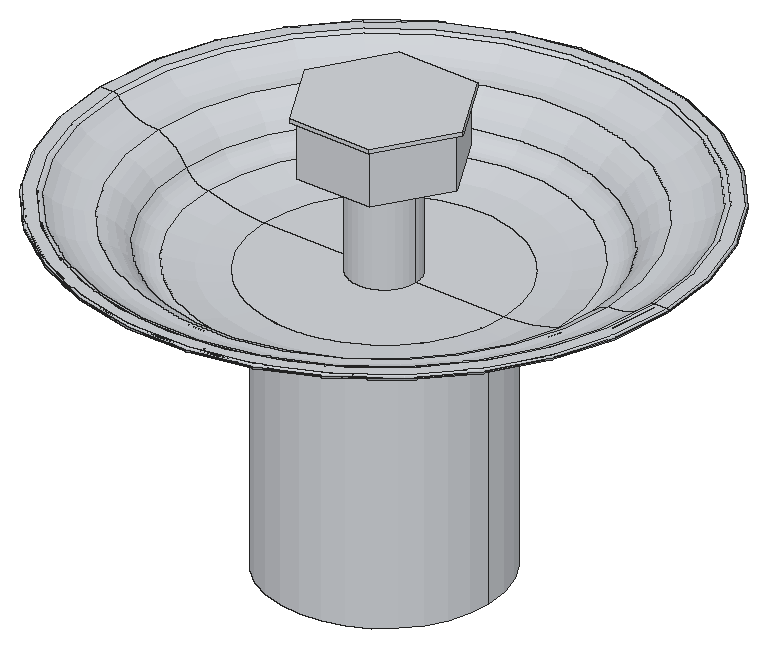
Revit family "Washfountain-Willoughby-WWF-5406-FLR-JR", category Plumbing Fixtures, Revit 2015
Parameters (values of type "Standard")
  Waste DIA = 2"
  Waste Connection = yes
  Vent Connection = no
  URL = "https://www.willoughby-ind.com/wp-content/uploads/2018/01/WAF-5408.pdf"
  Revision = "A"
  Model = "WWF-5406-FLR-JR"
  Manufacturer = "Willoughby Industries"
  HW Connection = yes
  HCW DIA = 1/2"
  Fixture Body = Stainless Steel AISI 304-Willoughby
  Description = "Six Station Washfountain, Floor Mounted, Junior Height"
  Default Elevation = 0' - 0"
  Contact = "(800) 428-4065"
  CW Connection = yes
Reference planes (in)
  plane 1 "Center (Front/Back)": y = 0
  plane 2: z = 0
  plane 3 "Center (Left/Right)": x = 0
  plane 4: x = -27
  plane 5: x = 27
  plane 6 "Top Pf Sink": z = 34
  plane 7 "Bottom Of Sink": z = 27.5
  plane 8: x = 10
  plane 9: x = -10
  plane 10 "Bottom Of Faucet Head": z = 37.0625
  plane 11 "Faucet Head HGT": z = 41.875
  plane 12 "Top Of Cap": z = 42.25
Forms (in)
  Revolve 1, solid
    sketch origin (0, 0, -20) x (1, 0, 0) y (0, 0, 1)
      loop
        line (-27, 53.83658) -> (-27, 53.7862)
        arc (-27, 53.7862) -> (-26.95279, 53.67221) -> (-26.8388, 53.625) r 0.1612
        line (-26.8388, 53.625) -> (-25.625, 53.625)
        arc (-25.625, 53.625) -> (-23.73121, 52.27152) -> (-21.4375, 51.875) r 5.22415
        arc (-21.4375, 51.875) -> (-20.07609, 51.04401) -> (-19.0625, 49.8125) r 4.79567
        arc (-19.0625, 49.8125) -> (-18.07558, 48.76236) -> (-16.6875, 48.375) r 2.68071
        arc (-16.6875, 48.375) -> (-14.06704, 47.72021) -> (-11.375, 47.5) r 16.56473
        line (-11.375, 47.5) -> (0, 47.5) -> (0, 47.875) -> (-11.375, 47.875)
        arc (-11.375, 47.875) -> (-14.03757, 48.09545) -> (-16.62764, 48.75078) r 16.18973
        arc (-16.62764, 48.75078) -> (-17.85869, 49.06961) -> (-18.73348, 49.99258) r 2.30571
        arc (-18.73348, 49.99258) -> (-19.85977, 51.35263) -> (-21.37804, 52.25438) r 5.17067
        arc (-21.37804, 52.25438) -> (-23.50505, 52.5843) -> (-25.27973, 53.80231) r 4.84915
        arc (-25.27973, 53.80231) -> (-25.48482, 53.94841) -> (-25.73129, 54) r 0.61458
        line (-25.73129, 54) -> (-26.83658, 54)
        arc (-26.83658, 54) -> (-26.95213, 53.95213) -> (-27, 53.83658) r 0.16342
      axis (0, 54) -> (0, 47.5)
    angle from 0 to 360
  Revolve 2, solid
    sketch origin (0, 0, 0) x (1, 0, 0) y (0, 0, 1)
      loop
        line (0, 27.5) -> (-10, 27.5) -> (-10, 3) -> (0, 3) -> (0, 27.5)
      axis (0, 27.5) -> (0, 3)
    angle from 0 to 360
  Revolve 3, solid
    sketch origin (0, 0, 0) x (1, 0, 0) y (0, 0, 1)
      loop
        line (0, 34) -> (0, 37.0625) -> (-3, 37.0625) -> (-3, 27.5) -> (0, 27.5) -> (0, 34)
      axis (0, 37.0625) -> (0, 27.5)
    angle from 0 to 360
  Extrusion 4, solid
    sketch origin (0, 0, 42.25) x (1, 0, 0) y (0, 1, 0)
      loop
        line (-3.753, 6.5) -> (-7.506, -0.00039) -> (-3.753, -6.5) -> (3.753, -6.5) -> (7.506, -0.00039) -> (3.753, 6.5) -> (-3.753, 6.5)
    from 0 to -0.375
  Extrusion 5, solid
    sketch origin (0, 0, 37.0625) x (1, 0, 0) y (0, 1, 0)
      loop
        line (-3.46432, 6) -> (-6.92865, -0.00039) -> (-3.46477, -6) -> (3.46477, -6) -> (6.92865, -0.00039) -> (3.46432, 6) -> (-3.46432, 6)
    from 0 to 4.8125
  Extrusion 6, solid, detail levels medium+fine
    sketch origin (0, 0, 3) x (1, 0, 0) y (0, 1, 0)
      loop
        circle (4, -2) r 1
    from 0 to 3
  Extrusion 7, solid, detail levels medium+fine
    sketch origin (0, 0, 3) x (1, 0, 0) y (0, 1, 0)
      loop
        circle (-2, -2) r 0.25
    from 0 to 3
  Extrusion 8, solid, detail levels medium+fine
    sketch origin (0, 0, 3) x (1, 0, 0) y (0, 1, 0)
      loop
        circle (-2, -6) r 0.25
    from 0 to 3
Lines and regions (in)
  symbolic lines
    curve 1: line (6.92865, 0, 41.875) -> (-6.92865, 0, 41.875)
    curve 2: line (-6.92865, 0, 41.875) -> (-6.92865, 0, 37.0625)
    curve 3: line (-6.92865, 0, 37.0625) -> (6.92865, 0, 37.0625)
    curve 4: line (6.92865, 0, 37.0625) -> (6.92865, 0, 41.875)
    curve 5: line (6.92865, 0, 41.875) -> (7.506, 0, 41.875)
    curve 6: line (7.506, 0, 41.875) -> (7.506, 0, 42.25)
    curve 7: line (7.506, 0, 42.25) -> (-7.506, 0, 42.25)
    curve 8: line (-7.506, 0, 42.25) -> (-7.506, 0, 41.875)
    curve 9: line (-7.506, 0, 41.875) -> (-6.92865, 0, 41.875)
    curve 10: line (-3, 0, 37.0625) -> (-3, 0, 34)
    curve 11: line (3, 0, 37.0625) -> (3, 0, 34)
    curve 12: line (26.87149, 0, 34) -> (-26.83229, 0, 34)
    curve 13: line (-26.83229, 0, 33.61752) -> (26.87149, 0, 33.61752)
    curve 14: arc (26.87149, 0, 33.61752) -> (27.00384, 0, 33.80876) -> (26.87149, 0, 34) r 0.20434
    curve 15: arc (-26.83229, 0, 34) -> (-27.02353, 0, 33.80876) -> (-26.83229, 0, 33.61752) r 0.19124
    curve 16: arc (-25.59331, 0, 33.61752) -> (-23.7164, 0, 32.26691) -> (-21.4375, 0, 31.875) r 5.14341
    curve 17: arc (-21.4375, 0, 31.875) -> (-20.06597, 0, 31.05566) -> (-19.0625, 0, 29.8125) r 4.547
    curve 18: arc (-19.0625, 0, 29.8125) -> (-18.06774, 0, 28.7753) -> (-16.6875, 0, 28.375) r 2.77422
    curve 19: arc (-16.6875, 0, 28.375) -> (-13.38121, 0, 27.65121) -> (-10, 0, 27.5) r 19.83774
    curve 20: line (-10, 0, 27.5) -> (10, 0, 27.5)
    curve 21: arc (10, 0, 27.5) -> (13.38558, 0, 27.6178) -> (16.6875, 0, 28.375) r 17.7964
    curve 22: arc (16.6875, 0, 28.375) -> (18.08141, 0, 28.75272) -> (19.0625, 0, 29.8125) r 2.61603
    curve 23: arc (19.0625, 0, 29.8125) -> (20.07709, 0, 31.04286) -> (21.4375, 0, 31.875) r 4.82202
    curve 24: arc (21.4375, 0, 31.875) -> (23.7314, 0, 32.26527) -> (25.625, 0, 33.61752) r 5.19634
    curve 25: line (-10, 0, 27.5) -> (-10, 0, 0)
    curve 26: line (-10, 0, 0) -> (10, 0, 0)
    curve 27: line (10, 0, 0) -> (10, 0, 27.5)
    curve 28: line (0, 6, 41.875) -> (0, -6, 41.875)
    curve 29: line (0, -6, 41.875) -> (0, -6, 37.0625)
    curve 30: line (0, -6, 37.0625) -> (0, 6, 37.0625)
    curve 31: line (0, 6, 37.0625) -> (0, 6, 41.875)
    curve 32: line (0, 6, 41.875) -> (0, 6.5, 41.875)
    curve 33: line (0, 6.5, 41.875) -> (0, 6.5, 42.25)
    curve 34: line (0, 6.5, 42.25) -> (0, -6.5, 42.25)
    curve 35: line (0, -6.5, 42.25) -> (0, -6.5, 41.875)
    curve 36: line (0, -6.5, 41.875) -> (0, -6, 41.875)
    curve 37: line (0, 0, 41.875) -> (0, 0, 37.0625)
    curve 38: line (0, -3, 37.0625) -> (0, -3, 34)
    curve 39: line (0, 3, 37.0625) -> (0, 3, 34)
    curve 40: line (0, -26.83395, 34) -> (0, 26.91605, 34)
    curve 41: line (0, 26.91605, 33.62562) -> (0, -26.83395, 33.62562)
    curve 42: arc (0, -26.83395, 33.62562) -> (0, -27.02114, 33.81281) -> (0, -26.83395, 34) r 0.18719
    curve 43: arc (0, -25.58395, 33.62562) -> (0, -23.71865, 32.25782) -> (0, -21.4375, 31.875) r 5.00412
    curve 44: arc (0, -21.4375, 31.875) -> (0, -20.07204, 31.04868) -> (0, -19.0625, 29.8125) r 4.69264
    curve 45: arc (0, -19.0625, 29.8125) -> (0, -18.06335, 28.78256) -> (0, -16.6875, 28.375) r 2.83032
    curve 46: arc (0, -16.6875, 28.375) -> (0, -13.38434, 27.62729) -> (0, -10, 27.5) r 18.33134
    curve 47: line (0, -10, 27.5) -> (0, 10, 27.5)
    curve 48: arc (0, 10, 27.5) -> (0, 13.3855, 27.61838) -> (0, 16.6875, 28.375) r 17.82836
    curve 49: arc (0, 16.6875, 28.375) -> (0, 18.06981, 28.77189) -> (0, 19.0625, 29.8125) r 2.74878
    curve 50: arc (0, 19.0625, 29.8125) -> (0, 20.06312, 31.05895) -> (0, 21.4375, 31.875) r 4.48194
    curve 51: arc (0, 21.4375, 31.875) -> (0, 23.7357, 32.26457) -> (0, 25.62805, 33.62562) r 5.16077
    curve 52: line (0, 10, 27.5) -> (0, 10, 0)
    curve 53: line (0, 10, 0) -> (0, -10, 0)
    curve 54: line (0, -10, 0) -> (0, -10, 27.5)
    curve 55: circle (0, 0, 0) r 27 normal (0, 0, 1)
    curve 62: line (-3.753, -6.5, 0) -> (-7.506, -0.00039, 0)
  symbolic lines, detail levels fine
    curve 56: circle (0, 0, 0) r 21.4375 normal (0, 0, 1)
    curve 57: circle (0, 0, 0) r 16.6875 normal (0, 0, 1)
  symbolic lines, detail levels medium+fine
    curve 58: line (-3.753, 6.5, 0) -> (3.753, 6.5, 0)
    curve 59: line (3.753, 6.5, 0) -> (7.506, -0.00039, 0)
    curve 60: line (7.506, -0.00039, 0) -> (3.753, -6.5, 0)
    curve 61: line (3.753, -6.5, 0) -> (-3.753, -6.5, 0)
    curve 63: line (-7.506, -0.00039, 0) -> (-3.753, 6.5, 0)
Dimensions and locks (in)
  equal spacing: plane 4, plane 3 "Center (Left/Right)", plane 5
  equal spacing: plane 8, plane 3 "Center (Left/Right)", plane 9, locked at 10 each
  aligned and locked: Revolve 2 sketch curve to Revolve 2 sketch curve  (x3)
  aligned and locked: Revolve 3 sketch curve to Revolve 3 sketch curve  (x2)
  aligned and locked: Extrusion 4 to plane 11 "Faucet Head HGT"
  aligned and locked: plane 12 "Top Of Cap" to Extrusion 4
  aligned and locked: plane 11 "Faucet Head HGT" to Extrusion 5
Automatic sketch dimensions
  Revolve 3 sketch curve to plane 7 "Bottom Of Sink" = 0' - 0"  (x2)
  Revolve 3 sketch curve to plane 3 "Center (Left/Right)" = 0' - 0"
  Revolve 3 sketch curve to plane 6 "Top Pf Sink" = 0' - 0"
  Revolve 3 sketch curve to Revolve 3 sketch curve = 0' - 3"
  plane 6 "Top Pf Sink" to Revolve 3 sketch curve = 0' - 3 1/16"
  plane 1 "Center (Front/Back)" to Extrusion 4 sketch curve = 0' - 0.00039"  (x2)
  plane 9 to Extrusion 4 sketch curve = 0' - 2.494"
  Extrusion 4 sketch curve to plane 3 "Center (Left/Right)" = 0' - 3.753"  (x2)
  plane 3 "Center (Left/Right)" to Extrusion 4 sketch curve = 0' - 3.753"  (x2)
  Extrusion 4 sketch curve to plane 8 = 0' - 2.494"
  plane 1 "Center (Front/Back)" to Extrusion 4 sketch curve = 0' - 6 1/2"
  Extrusion 4 sketch curve to plane 1 "Center (Front/Back)" = 0' - 6 1/2"
  plane 1 "Center (Front/Back)" to Extrusion 5 sketch curve = 0' - 0.00039"  (x2)
  plane 9 to Extrusion 5 sketch curve = 0' - 3.07135"
  Extrusion 5 sketch curve to plane 3 "Center (Left/Right)" = 0' - 3.46477"
  Extrusion 5 sketch curve to plane 3 "Center (Left/Right)" = 0' - 3.46432"
  plane 3 "Center (Left/Right)" to Extrusion 5 sketch curve = 0' - 3.46432"
  plane 3 "Center (Left/Right)" to Extrusion 5 sketch curve = 0' - 3.46477"
  Extrusion 5 sketch curve to plane 8 = 0' - 3.07135"
  plane 1 "Center (Front/Back)" to Extrusion 5 sketch curve = 0' - 6"
  Extrusion 5 sketch curve to plane 1 "Center (Front/Back)" = 0' - 6"
  curve 15 to plane 6 "Top Pf Sink" = 0' - 0"
  curve 19 to plane 7 "Bottom Of Sink" = 0' - 0"
  curve 19 to plane 9 = 0' - 0"
  curve 9 to plane 11 "Faucet Head HGT" = 0' - 0"
  curve 7 to plane 12 "Top Of Cap" = 0' - 0"
  curve 2 to plane 10 "Bottom Of Faucet Head" = 0' - 0"
  curve 26 to plane 8 = 0' - 0"
  curve 27 to level = 0' - 0"
  curve 19 to plane 9 = 0' - 0.80755"
  curve 18 to plane 9 = 0' - 6.63125"
  curve 16 to plane 10 "Bottom Of Faucet Head" = 0' - 0.05227"
  curve 16 to plane 4 = 0' - 5.27247"
  plane 7 "Bottom Of Sink" to curve 17 = 0' - 0.12253"
  curve 17 to plane 4 = 0' - 3.95262"
  curve 12 to plane 4 = 0' - 0.16771"
  plane 9 to curve 9 = 0' - 2.494"
  curve 8 to curve 1 = 0' - 0.57735"
  curve 4 to plane 8 = 0' - 3.07135"
  curve 1 to curve 7 = 0' - 0.57735"
  plane 8 to curve 21 = 0' - 1.07676"
  plane 8 to curve 22 = 0' - 6.72683"
  plane 10 "Bottom Of Faucet Head" to curve 24 = 0' - 0.00031"
  plane 5 to curve 24 = 0' - 5.26498"
  curve 23 to plane 7 "Bottom Of Sink" = 0' - 0.09793"
  plane 5 to curve 23 = 0' - 3.76117"
  plane 5 to curve 14 = 0' - 0.20051"
  plane 5 to curve 13 = 0' - 0.12851"
  plane 5 to curve 12 = 0' - 0.12851"
  curve 22 to plane 6 "Top Pf Sink" = 0' - 3.00927"
  curve 18 to plane 6 "Top Pf Sink" = 0' - 2.85136"
  curve 13 to curve 15 = 0' - 0.38248"
  plane 12 "Top Of Cap" to curve 21 = 0' - 3.01379"
  plane 12 "Top Of Cap" to curve 19 = 0' - 5.0713"
  plane 7 "Bottom Of Sink" to curve 18 = 0' - 0 7/8"
  curve 17 to curve 18 = 0' - 0"
  curve 17 to plane 6 "Top Pf Sink" = 0' - 2 1/8"
  curve 10 to plane 3 "Center (Left/Right)" = 0' - 3"
  plane 3 "Center (Left/Right)" to curve 11 = 0' - 3"
  plane 7 "Bottom Of Sink" to curve 22 = 0' - 0 7/8"
  plane 7 "Bottom Of Sink" to curve 22 = 0' - 2 5/16"
  curve 24 to plane 6 "Top Pf Sink" = 0' - 2 1/8"
  curve 42 to plane 6 "Top Pf Sink" = 0' - 0"
  curve 47 to plane 7 "Bottom Of Sink" = 0' - 0"
  curve 54 to level = 0' - 0"
  curve 35 to plane 12 "Top Of Cap" = 0' - 0"
  curve 36 to plane 11 "Faucet Head HGT" = 0' - 0"
  curve 30 to plane 10 "Bottom Of Faucet Head" = 0' - 0"
  curve 37 to plane 1 "Center (Front/Back)" = 0' - 0"
  plane 1 "Center (Front/Back)" to curve 36 = 0' - 6"
  curve 35 to curve 28 = 0' - 0 1/2"
  plane 1 "Center (Front/Back)" to curve 47 = 0' - 10"
  curve 46 to curve 34 = 0' - 4.50611"
  curve 45 to plane 6 "Top Pf Sink" = 0' - 2.7961"
  curve 45 to curve 46 = 0' - 6.59781"
  curve 43 to plane 10 "Bottom Of Faucet Head" = 0' - 0.19459"
  curve 43 to curve 45 = 0' - 5.17448"
  plane 7 "Bottom Of Sink" to curve 44 = 0' - 0.00558"
  curve 44 to curve 45 = 0' - 6.55113"
  curve 40 to curve 43 = 0' - 5.06167"
  curve 37 to curve 28 = 0' - 6"
  curve 28 to curve 32 = 0' - 0 1/2"
  curve 47 to plane 1 "Center (Front/Back)" = 0' - 10"
  curve 33 to curve 48 = 0' - 4.57254"
  curve 49 to plane 6 "Top Pf Sink" = 0' - 2.87653"
  curve 48 to curve 49 = 0' - 6.64648"
  curve 51 to plane 10 "Bottom Of Faucet Head" = 0' - 0.03598"
  curve 49 to curve 51 = 0' - 5.09989"
  plane 7 "Bottom Of Sink" to curve 50 = 0' - 0.17493"
  curve 49 to curve 50 = 0' - 6.35538"
  curve 41 to curve 40 = 0' - 0.37438"
  plane 12 "Top Of Cap" to curve 48 = 0' - 3.04607"
  plane 12 "Top Of Cap" to curve 46 = 0' - 3.55371"
  curve 29 to curve 38 = 0' - 3"
  plane 7 "Bottom Of Sink" to curve 46 = 0' - 0 7/8"
  curve 44 to curve 45 = 0' - 0"
  curve 44 to plane 6 "Top Pf Sink" = 0' - 2 1/8"
  curve 39 to plane 1 "Center (Front/Back)" = 0' - 3"
  plane 7 "Bottom Of Sink" to curve 49 = 0' - 0 7/8"
  curve 50 to curve 49 = 0' - 0"
  curve 50 to plane 6 "Top Pf Sink" = 0' - 2 1/8"
  curve 51 to curve 41 = 0' - 1.288"
  curve 40 to curve 41 = 0' - 0"
  Revolve 1 sketch curve to Revolve 1 sketch curve = 0' - 0"  (x9)
  plane 4 to Revolve 1 sketch curve = 0' - 0"
  Revolve 1 sketch curve to plane 6 "Top Pf Sink" = 0' - 0"  (x2)
  Revolve 1 sketch curve to plane 3 "Center (Left/Right)" = 0' - 0"  (x2)
  Revolve 1 sketch curve to plane 7 "Bottom Of Sink" = 0' - 0"  (x2)
  Revolve 1 sketch curve to Revolve 1 sketch curve = 0' - 0.1612"
  Revolve 1 sketch curve to Revolve 1 sketch curve = 0' - 0.00223"
  Revolve 1 sketch curve to Revolve 1 sketch curve = 0' - 1.10529"
  Revolve 1 sketch curve to Revolve 1 sketch curve = 0' - 0.10629"
  Revolve 1 sketch curve to plane 7 "Bottom Of Sink" = 0' - 0.07688"
  Revolve 1 sketch curve to plane 4 = 0' - 3.77945"
  plane 10 "Bottom Of Faucet Head" to Revolve 1 sketch curve = 0' - 0.02918"
  Revolve 1 sketch curve to Revolve 1 sketch curve = 0' - 4.01447"
  Revolve 1 sketch curve to plane 9 = 0' - 6 11/16"
  Revolve 1 sketch curve to plane 9 = 0' - 1 3/8"
  Revolve 1 sketch curve to Revolve 1 sketch curve = 0' - 0 3/8"
  Revolve 1 sketch curve to plane 6 "Top Pf Sink" = 0' - 2.94429"
  Revolve 1 sketch curve to Revolve 1 sketch curve = 0' - 0.61458"
  Revolve 1 sketch curve to Revolve 1 sketch curve = 0' - 0.23958"
  plane 12 "Top Of Cap" to Revolve 1 sketch curve = 0' - 1.81473"
  Revolve 1 sketch curve to Revolve 1 sketch curve = 0' - 3.84223"
  Revolve 1 sketch curve to Revolve 1 sketch curve = 0' - 0.05946"
  Revolve 1 sketch curve to Revolve 1 sketch curve = 0' - 0.32902"
  plane 1 "Center (Front/Back)" to Extrusion 6 sketch curve = 0' - 2"
  plane 3 "Center (Left/Right)" to Extrusion 6 sketch curve = 0' - 4"
  Extrusion 7 sketch curve to plane 3 "Center (Left/Right)" = 0' - 2"
  plane 1 "Center (Front/Back)" to Extrusion 7 sketch curve = 0' - 2"
  Extrusion 8 sketch curve to plane 3 "Center (Left/Right)" = 0' - 2"
  plane 1 "Center (Front/Back)" to Extrusion 8 sketch curve = 0' - 6"
  curve 55 to curve 57 = 0' - 0"  (x2)
  curve 56 to curve 57 = 0' - 0"  (x2)
  plane 1 "Center (Front/Back)" to curve 55 = 0' - 0"
  curve 55 to plane 3 "Center (Left/Right)" = 0' - 0"
  curve 61 to plane 3 "Center (Left/Right)" = 0' - 3.753"
  plane 3 "Center (Left/Right)" to curve 60 = 0' - 3.753"
  plane 3 "Center (Left/Right)" to curve 58 = 0' - 3.753"
  plane 1 "Center (Front/Back)" to curve 60 = 0' - 0.00039"
  curve 60 to plane 8 = 0' - 2.494"
  plane 1 "Center (Front/Back)" to curve 61 = 0' - 6 1/2"
  curve 58 to plane 1 "Center (Front/Back)" = 0' - 6 1/2"
  curve 63 to plane 3 "Center (Left/Right)" = 0' - 3.753"
  plane 1 "Center (Front/Back)" to curve 63 = 0' - 0.00039"
  plane 9 to curve 63 = 0' - 2.494"
  Revolve 2 sketch curve to plane 7 "Bottom Of Sink" = 0' - 0"
  Revolve 2 sketch curve to plane 9 = 0' - 0"
  Revolve 2 sketch curve to plane 3 "Center (Left/Right)" = 0' - 0"
  level to Revolve 2 sketch curve = 0' - 3"
  radius of Extrusion 6 sketch curve = 0' - 1"
  radius of Extrusion 7 sketch curve = 0' - 0 1/4"
  radius of Extrusion 8 sketch curve = 0' - 0 1/4"
  radius of curve 55 = 2' - 3"
  radius of curve 56 = 1' - 9 7/16"
  radius of curve 57 = 1' - 4 11/16"
Connectors (in)
  piping at (-2, -6, 3), diameter 0.5, driven by "HCW DIA", driven by "HW Connection"
    settings: on Extrusion 8, index 1, connector inside diameter 24", connector length 0' - 0", flow factor 0, pipe flow 0.5 GPM, pressure drop 0.00 psi, fitting loss kfactor 0, connector angle 0.00°, fixture units 0, engagement length 0' - 0", angle of deflection 0.00°, flow configuration 0, flow direction 1, fitting loss method 0, system type 19, joint type 0, gender type 0, connector reference index -1, connector utility 1, adjustable connector no, is connector primary yes, connector description "HW Inlet"
  piping at (-2, -2, 3), diameter 0.5, driven by "HCW DIA", driven by "CW Connection"
    settings: on Extrusion 7, index 2, connector inside diameter 24", connector length 0' - 0", flow factor 0, pipe flow 0.5 GPM, pressure drop 0.00 psi, fitting loss kfactor 0, connector angle 0.00°, fixture units 0, engagement length 0' - 0", angle of deflection 0.00°, flow configuration 0, flow direction 1, fitting loss method 0, system type 20, joint type 0, gender type 0, connector reference index -1, connector utility 1, adjustable connector no, is connector primary no, connector description "CW Inlet"
  piping at (4, -2, 6), diameter 2, driven by "Waste DIA"
    settings: on Extrusion 6, index 3, connector inside diameter 24", connector length 0' - 0", flow factor 0, pipe flow 0 GPM, pressure drop 0.00 psi, fitting loss kfactor 0, connector angle 0.00°, fixture units 0, engagement length 0' - 0", angle of deflection 0.00°, flow configuration 0, flow direction 0, fitting loss method 0, system type 7, joint type 0, gender type 0, connector reference index -1, connector utility 0, adjustable connector no, is connector primary no, connector description ""
